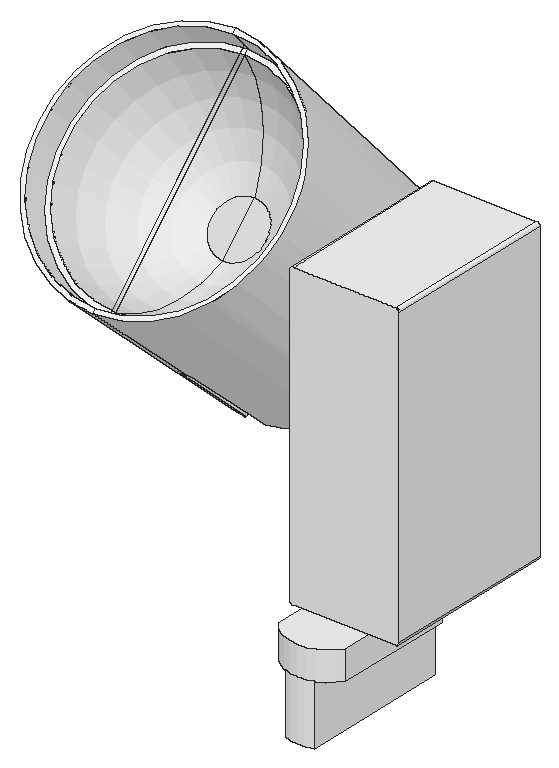
Revit family "0004832 Feilo Sylvania Lighting Fixture START TRACK SPOT L 55W 4K RA80 NB WHITE", category Lighting Fixtures, host Face, Revit 2017
Family settings
  Host = Face
  Round Connector Dimension = Use Diameter
  Part Type = Normal
  OmniClass Number = 23.80.70.00
  OmniClass Title = Lighting
  Cut with Voids When Loaded = No
  Light Source = No
  Shared = No
  Room Calculation Point = No
Parameters (values of type "0004832 START TRACK SPOT L 55W 4K RA80 NB WHITE")
  Weight = "1.398 kg"
  Wattage Comments = ""
  WarrantyStartDate [instance] = "n/a"
  WarrantyGuarantorParts = "n/a"
  WarrantyDurationUnit = "n/a"
  WarrantyDurationParts = "n/a"
  WarrantyDescription = "n/a"
  Voltage = 230 V
  URL = "http://www.sylvania-lighting.com"
  TypeName = "START TRACK SPOT L 55W 4K RA80 NB WHITE"
  TypeHead_FEILO = Start Track Spot Head : 0004832 START TRACK SPOT L 55W 4K RA80 NB WHITE
  TypeBox_FEILO = Start Track Spot Box : Type Large White
  Type Image = <None>
  Type Comments = "n/a"
  VerticalRotation_FEILO [instance] = 0.00°
  SlideEndAngle_FEILO [instance] = VerticalRotation_FEILO + 180.00°  # 180.00°
  SerialNumber [instance] = "n/a"
  Material_3_FEILO = none
  PowerFactor = 0.96
  PowerConsumption = "55 W"
  NominalLength = 0 mm
  NominalHeight = 240 mm
  NominalDepth = 164 mm
  Name = "START TRACK SPOT L 55W 4K RA80 NB WHITE"
  ModelReference = Name  # "START TRACK SPOT L 55W 4K RA80 NB WHITE"
  ModelNumber = "0004832"
  Model = Name  # "START TRACK SPOT L 55W 4K RA80 NB WHITE"
  Material = "adc12 aluminium housing, polycarbonate diffuser"
  ManufacturerName = "Feilo Sylvania"
  Manufacturer = "Feilo Sylvania"
  LuminousEfficacy = "99 lm/W"
  LuminaireType = ""
  LightOutputRatio = "100"
  LampsType = Lamp  # "LED"
  LampNominalLuminous = "5426 lm"
  LampMacAdamStep = "3"
  LampColourTemperature = "4000 K"
  LampColourRenderingIndex = "80"
  Lamp = "LED"
  Keynote = "16500"
  InstallationDate [instance] = "n/a"
  InputVoltage = "230-240V~"
  InputNominalFrequency = "50/60 Hz"
  IngressProtection = "IP20"
  ImpactProtectionIndex = "IK02"
  IfcExportType = "IfcLightFixtureType"
  IfcExportAs = "IfcLightFixtureType"
  HorizontalRotation_FEILO [instance] = 45.00°
  ExpectedLife = 50000
  ElectricShockClassification = "Class II"
  DurationUnit = "hours"
  DocumentationLiterature = "http://www.sylvania-lighting.com/product/en-int/products/0004832"
  DimmingControlOptions = "Non dimmable"
  Material_2_FEILO = none
  Description = "Integrated LED spotlight, Textured White - RAL9016, compact and minimalist design, ideal for retail applications, die-cast aluminium body, passive cooling heatsink. Beam angle: 15°, color temperature: 4000K , total system power: 55W, total fixture output: 5426 lm, LOR: 100%, colour rendering: Ra: 80 typical, LED Chromaticity: 3 step MacAdam ellipse, lifetime: >50000 hours at L70B50, energy class: A++, A+, A, IR/UV free light source without heat radiation, operating voltage: 220-240V / 50-60Hz, drive current: 1400mA, electronic driver, non-dimmable, power factor: 0.96, electrical protection: Class II, Global Track 3 Phase adapter suitable for Global trac 3-circuit tracks, ingress protection rating: IP20, suitable for internal environment only, horizontal rotation: 355°, vertical tilt: 90°, dimensions: Ø113x164x240, weight: 1.398kg."
  Default Elevation = 1219.2 mm
  CreatedOn = "12/12/2017"
  CreatedBy = ""
  Cost = 0
  built-in parameter 1114216 [instance] = (empty or 0)
  ClassificationValue = "EF_70_80"
  ClassificationName = "Uniclass2015"
  Material_1_FEILO = Body-Sylvania-StartTrackSpot-White
  BarCode [instance] = "n/a"
  AssetType = "Fixed"
  AssetIdentifier [instance] = "n/a"
  Assembly Code = "D5020200"
  Apparent Load = 55 VA
  Material_4_FEILO = none
Reference planes
  plane 1 "Center (Front/Back)": y = 0
  plane 2: z = 0
  plane 3 "Center (Left/Right)": x = 0
  plane 4: x = 15
  plane 5: x = -15
  plane 6: y = 35
  plane 7: y = -35
  plane 8: z = 13
  plane 9: z = -27
  plane 10: x = 6.5
  plane 11: x = -6.5
  plane 12: y = 27
  plane 13: y = -27
  plane 14: y = 20
Forms (mm)
  Extrusion 1, solid, material "Body-Sylvania-StartTrackSpot-White" <- "Material_1_FEILO"
    sketch origin (0, 0, 0) x (1, 0, 0) y (0, 1, 0)
      loop
        line (-15, 27) -> (-15, -27)
        arc (-15, -27) -> (0, -35) -> (15, -27) r 18.062
        line (15, -27) -> (15, 27)
        arc (15, 27) -> (0, 35) -> (-15, 27) r 18.062
    from 0 to 13
  Extrusion 2, solid, material "Body-Sylvania-StartTrackSpot-White" <- "Material_1_FEILO"
    sketch origin (0, 0, 0) x (1, 0, 0) y (0, 1, 0)
      loop
        arc (6.5, 33.79) -> (0, 35) -> (-6.5, 33.79) r 18.062
        line (-6.5, 33.79) -> (-6.5, -33.79)
        arc (-6.5, -33.79) -> (0, -35) -> (6.5, -33.79) r 18.062
        line (6.5, -33.79) -> (6.5, 33.79)
    from 0 to -27
  Revolve 3, solid, not visible
    sketch origin (1524, 20, 1219.2) x (1, 0, 0) y (0, 0, 1)
      loop
        line (-1524, -1206.2) -> (-1524, -1191.285) -> (-1530.5, -1191.285) -> (-1530.5, -1206.2) -> (-1524, -1206.2)
      axis (-1524, -1191.285) -> (-1524, -1206.2)
    angle from 0 <- "VerticalRotation_FEILO" to 180 <- "SlideEndAngle_FEILO"
Cuts and joins
  joined: Extrusion 1, Extrusion 2
Dimensions and locks
  equal spacing: plane 10, plane 3 "Center (Left/Right)", plane 11
  equal spacing: plane 4, plane 3 "Center (Left/Right)", plane 5
  locked: plane 8 to plane 2 at 13
  locked: plane 8 to plane 9 at 40
  equal spacing: plane 13, plane 1 "Center (Front/Back)", plane 12
  locked: plane 12 to plane 6 at 8
  locked: plane 14 to plane 6 at 15
  locked: Revolve 3 sketch curve to plane 8 at 14.915
  aligned and locked: plane 2 to host face
  aligned and locked: level to host face
  aligned and locked: plane 5 to Extrusion 1 sketch curve  (x2)
  aligned and locked: plane 12 to Extrusion 1 sketch curve
  aligned and locked: plane 13 to Extrusion 1 sketch curve
  aligned and locked: plane 4 to Extrusion 1 sketch curve
  aligned and locked: Extrusion 1 to plane 8
  aligned and locked: Extrusion 1 to level
  aligned and locked: Extrusion 2 sketch curve to Extrusion 1  (x2)
  aligned and locked: Extrusion 2 sketch curve to plane 11
  aligned and locked: plane 10 to Extrusion 2 sketch curve
  aligned and locked: plane 9 to Extrusion 2
  aligned and locked: level to Extrusion 2
  aligned and locked: Revolve 3 sketch curve to plane 3 "Center (Left/Right)"  (x2)
  aligned and locked: plane 11 to Revolve 3 sketch curve
  aligned and locked: Revolve 3 sketch curve to plane 8
Automatic sketch dimensions
  host sketch curve to host sketch curve = 2438.4 mm  (x2)
  Extrusion 1 sketch curve to plane 3 "Center (Left/Right)" = 0 mm  (x2)
  Extrusion 1 sketch curve to plane 13 = 10.062 mm
  plane 12 to Extrusion 1 sketch curve = 10.062 mm
  Revolve 3 sketch curve to plane 3 "Center (Left/Right)" = 0 mm
  plane 9 to Revolve 3 sketch curve = 582.6 mm
  Revolve 3 sketch curve to Revolve 3 sketch curve = 2581.144 mm
Nested families
  nested 1: "Start Track Spot Head" at (-75.5, 20, 133) x (0, 0.7071, 0.7071) z (0, 0.7071, -0.7071), type <- "TypeHead_FEILO", type "0004832 START TRACK SPOT L 55W 4K RA80 NB WHITE"
    with built-in parameter 1114216 (empty or 0)
  nested 2: "Start Track Spot Box" at (8.5, 20, 85) x (-1, 0, 0) z (0, -1, 0), BoxStartAngle_FEILO <- "HorizontalRotation_FEILO", type <- "TypeBox_FEILO", type "Type Large White"
    with BoxStartAngle_FEILO 45.00°, BoxEndAngle_FEILO -135.00°
Connectors
  electrical at (0, 0, 0), driven by "Apparent Load", driven by "PowerFactor", driven by "Voltage"
    settings: index 1, voltage 230 V, apparent load 55 VA, apparent load phase1 0 VA, apparent load phase2 0 VA, apparent load phase3 0 VA, power factor 0.96, load classification "Lighting", number of poles 1, system type 30, power factor state 1, is connector primary yes, connector utility no, sub classification motor no, connector description ""
Definition of nested family "Start Track Spot Head"
  Parameters (values of type "0004811 START TRACK SPOT S 14W 3K RA80 NB WHITE")
    Wattage Comments = "n/a"
    Wattage = 14 W
    built-in parameter 1150110 = 1 (stored number, unit not read)
    URL = "http://www.feilosylvania.com"
    Type Image = (empty or 0)
    Type Comments = "n/a"
    built-in parameter 1114217 = 1 (stored number, unit not read)
    Tilt Angle = -90.00°
    built-in parameter 1150109 = 1 (stored number, unit not read)
    built-in parameter 1150134 = (empty or 0)
    built-in parameter 1150113 = 1 (stored number, unit not read)
    Photometric Web File = "0004811.ies"
    Material_3_FEILO = none
    Model = "START TRACK SPOT S 14W 3K RA80 NB WHITE"
    Manufacturer = "Feilo Sylvania"
    built-in parameter 1150105 = 123.66 (stored number, unit not read)
    Lumens = 1554 lm
    built-in parameter 1150115 = 1 (stored number, unit not read)
    built-in parameter 1150137 = (empty or 0)
    built-in parameter 1150139 = (empty or 0)
    built-in parameter 1150112 = 1 (stored number, unit not read)
    built-in parameter 1150114 = 1 (stored number, unit not read)
    Lamp = "LED"
    Keynote = "16500"
    Material_2_FEILO = none
    built-in parameter 1150132 = (empty or 0)
    built-in parameter 1150102 = (empty or 0)
    built-in parameter 1150107 = 3000 (stored number, unit not read)
    built-in parameter 1150138 = (empty or 0)
    built-in parameter 1150106 = 1.2366 (stored number, unit not read)
    HeadThickness_FEILO = if(HeadDiaOut_FEILO > 112 mm, 2 mm, 1.5 mm)  # 1.5 mm
    HeadRibOffset_FEILO = HeadHeight_FEILO / 28  # 4.179 mm
    HeadRibDepth_FEILO = HeadHeight_FEILO / 2.1  # 55.714 mm
    HeadRibCutWidth_FEILO = HeadDiaOut_FEILO / 12  # 7.167 mm
    HeadRibCutOffset_FEILO = HeadHeight_FEILO / 2.3  # 50.87 mm
    HeadReflectorRadius_FEILO = HeadDiaOut_FEILO / 1.7  # 50.588 mm
    HeadReflectorOffset_FEILO = HeadHeight_FEILO / 2.1  # 55.714 mm
    HeadLEDRadius_FEILO = HeadDiaOut_FEILO / 9  # 9.556 mm
    HeadHeight_FEILO = 117 mm
    HeadDraft_FEILO = 1 mm
    HeadDiffusorThickness_FEILO = 3 mm
    HeadDiffusorOffset_FEILO = HeadHeight_FEILO / 12.4  # 9.435 mm
    HeadDiaOut_FEILO = 86 mm
    HeadDiaIn_FEILO = HeadDiaOut_FEILO / 1.11  # 77.477 mm
    HeadAxisFromTop_FEILO = HeadHeight_FEILO / 1.687  # 69.354 mm
    Emit from Circle Diameter = HeadDiaIn_FEILO  # 77.477 mm
    Emit Shape Visible in Rendering = no
    built-in parameter 1150104 = 10.312 (stored number, unit not read)
    Dimming Lamp Color Temperature Shift = (empty or 0)
    Description = "Integrated LED spotlight, Textured White - RAL9016, compact and minimalist design, ideal for retail applications, die-cast aluminium body, passive cooling heatsink. Beam angle: 12°, color temperature: 3000K , total system power: 14W, total fixture output: 1551 lm, LOR: 100%, colour rendering: Ra: 80 typical, LED Chromaticity: 3 step MacAdam ellipse, lifetime: >50000 hours at L70B50, energy class: A++, A+, A, IR/UV free light source without heat radiation, operating voltage: 220-240V / 50-60Hz, drive current: 350mA, electronic driver, non-dimmable, power factor: 0.92, electrical protection: Class II, Global Track 3 Phase adapter suitable for Global trac 3-circuit tracks, ingress protection rating: IP20, suitable for internal environment only, horizontal rotation: 355°, vertical tilt: 90°, dimensions: Ø86x140x200, weight: 0.940kg."
    Default Elevation = 1219.2 mm
    Cost = 0
    Color Filter = 16777215
    built-in parameter 1114216 [instance] = (empty or 0)
    Material_1_FEILO = none
    built-in parameter 1114218 = 1 (stored number, unit not read)
    built-in parameter 1150133 = 10 (stored number, unit not read)
    Assembly Code = "D5020200"
    Apparent Load = 14 VA
    Material_4_FEILO = none
  Types (96, lengths in mm): name | Wattage | built-in parameter 1150134 | Photometric Web File | Model | built-in parameter 1150105 | Lumens | built-in parameter 1150107 | built-in parameter 1150106 | HeadThickness_FEILO | HeadRibOffset_FEILO | HeadRibDepth_FEILO | HeadRibCutWidth_FEILO | HeadRibCutOffset_FEILO | HeadReflectorRadius_FEILO | HeadReflectorOffset_FEILO | HeadLEDRadius_FEILO | HeadHeight_FEILO | HeadDiffusorOffset_FEILO | HeadDiaOut_FEILO | HeadDiaIn_FEILO | HeadAxisFromTop_FEILO | Emit from Circle Diameter | built-in parameter 1150104 | Description | Apparent Load
    0004906 START TRACK SPOT L 55W 4K RA90 WB BLACK | 55 W | 12 | "0004906.ies" | "START TRACK SPOT L 55W 4K RA90 WB BLACK" | 385.15 (stored number, unit not read) | 4840 lm | 4000 (stored number, unit not read) | 3.8515 (stored number, unit not read) | 2 | 4.429 | 59.048 | 9.417 | 53.913 | 66.471 | 59.048 | 12.556 | 124 | 10 | 113 | 101.802 | 73.503 | 101.802 | 8.1755 (stored number, unit not read) | "Integrated LED spotlight, Textured Black - RAL9005, compact and minimalist design, ideal for retail applications, die-cast aluminium body, passive cooling heatsink. Beam angle: 52°, color temperature: 4000K , total system power: 55W, total fixture output: 4824 lm, LOR: 100%, colour rendering: Ra: 90 typical, LED Chromaticity: 3 step MacAdam ellipse, lifetime: >50000 hours at L70B50, energy class: A++, A+, A, IR/UV free light source without heat radiation, operating voltage: 220-240V / 50-60Hz, drive current: 1400mA, electronic driver, non-dimmable, power factor: 0.96, electrical protection: Class II, Global Track 3 Phase adapter suitable for Global trac 3-circuit tracks, ingress protection rating: IP20, suitable for internal environment only, horizontal rotation: 355°, vertical tilt: 90°, dimensions: Ø113x164x240, weight: 1.398kg." | 55 VA
    0004905 START TRACK SPOT L 55W 4K RA90 MB BLACK | 55 W | 12 | "0004905.ies" | "START TRACK SPOT L 55W 4K RA90 MB BLACK" | 389.53 (stored number, unit not read) | 4895 lm | 4000 (stored number, unit not read) | 3.8953 (stored number, unit not read) | 2 | 4.429 | 59.048 | 9.417 | 53.913 | 66.471 | 59.048 | 12.556 | 124 | 10 | 113 | 101.802 | 73.503 | 101.802 | 8.2684 (stored number, unit not read) | "Integrated LED spotlight, Textured Black - RAL9005, compact and minimalist design, ideal for retail applications, die-cast aluminium body, passive cooling heatsink. Beam angle: 38°, color temperature: 4000K , total system power: 55W, total fixture output: 4897 lm, LOR: 100%, colour rendering: Ra: 90 typical, LED Chromaticity: 3 step MacAdam ellipse, lifetime: >50000 hours at L70B50, energy class: A++, A+, A, IR/UV free light source without heat radiation, operating voltage: 220-240V / 50-60Hz, drive current: 1400mA, electronic driver, non-dimmable, power factor: 0.96, electrical protection: Class II, Global Track 3 Phase adapter suitable for Global trac 3-circuit tracks, ingress protection rating: IP20, suitable for internal environment only, horizontal rotation: 355°, vertical tilt: 90°, dimensions: Ø113x164x240, weight: 1.398kg." | 55 VA
    0004904 START TRACK SPOT L 55W 4K RA90 NB BLACK | 55 W | 12 | "0004904.ies" | "START TRACK SPOT L 55W 4K RA90 NB BLACK" | 393.91 (stored number, unit not read) | 4950 lm | 4000 (stored number, unit not read) | 3.9391 (stored number, unit not read) | 2 | 4.429 | 59.048 | 9.417 | 53.913 | 66.471 | 59.048 | 12.556 | 124 | 10 | 113 | 101.802 | 73.503 | 101.802 | 8.3613 (stored number, unit not read) | "Integrated LED spotlight, Textured Black - RAL9005, compact and minimalist design, ideal for retail applications, die-cast aluminium body, passive cooling heatsink. Beam angle: 15°, color temperature: 4000K , total system power: 55W, total fixture output: 4965 lm, LOR: 100%, colour rendering: Ra: 90 typical, LED Chromaticity: 3 step MacAdam ellipse, lifetime: >50000 hours at L70B50, energy class: A++, A+, A, IR/UV free light source without heat radiation, operating voltage: 220-240V / 50-60Hz, drive current: 1400mA, electronic driver, non-dimmable, power factor: 0.96, electrical protection: Class II, Global Track 3 Phase adapter suitable for Global trac 3-circuit tracks, ingress protection rating: IP20, suitable for internal environment only, horizontal rotation: 355°, vertical tilt: 90°, dimensions: Ø113x164x240, weight: 1.398kg." | 55 VA
    0004903 START TRACK SPOT L 35W 4K RA90 WB BLACK | 35 W | 12 | "0004903.ies" | "START TRACK SPOT L 35W 4K RA90 WB BLACK" | 284.09 (stored number, unit not read) | 3570 lm | 4000 (stored number, unit not read) | 2.8409 (stored number, unit not read) | 2 | 4.429 | 59.048 | 9.417 | 53.913 | 66.471 | 59.048 | 12.556 | 124 | 10 | 113 | 101.802 | 73.503 | 101.802 | 9.4761 (stored number, unit not read) | "Integrated LED spotlight, Textured Black - RAL9005, compact and minimalist design, ideal for retail applications, die-cast aluminium body, passive cooling heatsink. Beam angle: 52°, color temperature: 4000K , total system power: 35W, total fixture output: 3562 lm, LOR: 100%, colour rendering: Ra: 90 typical, LED Chromaticity: 3 step MacAdam ellipse, lifetime: >50000 hours at L70B50, energy class: A++, A+, A, IR/UV free light source without heat radiation, operating voltage: 220-240V / 50-60Hz, drive current: 900mA, electronic driver, non-dimmable, power factor: 0.93, electrical protection: Class II, Global Track 3 Phase adapter suitable for Global trac 3-circuit tracks, ingress protection rating: IP20, suitable for internal environment only, horizontal rotation: 355°, vertical tilt: 90°, dimensions: Ø113x164x240, weight: 1.368kg." | 35 VA
    0004902 START TRACK SPOT L 35W 4K RA90 MB BLACK | 35 W | 12 | "0004902.ies" | "START TRACK SPOT L 35W 4K RA90 MB BLACK" | 286.88 (stored number, unit not read) | 3605 lm | 4000 (stored number, unit not read) | 2.8688 (stored number, unit not read) | 2 | 4.429 | 59.048 | 9.417 | 53.913 | 66.471 | 59.048 | 12.556 | 124 | 10 | 113 | 101.802 | 73.503 | 101.802 | 9.569 (stored number, unit not read) | "Integrated LED spotlight, Textured Black - RAL9005, compact and minimalist design, ideal for retail applications, die-cast aluminium body, passive cooling heatsink. Beam angle: 38°, color temperature: 4000K , total system power: 35W, total fixture output: 3616 lm, LOR: 100%, colour rendering: Ra: 90 typical, LED Chromaticity: 3 step MacAdam ellipse, lifetime: >50000 hours at L70B50, energy class: A++, A+, A, IR/UV free light source without heat radiation, operating voltage: 220-240V / 50-60Hz, drive current: 900mA, electronic driver, non-dimmable, power factor: 0.93, electrical protection: Class II, Global Track 3 Phase adapter suitable for Global trac 3-circuit tracks, ingress protection rating: IP20, suitable for internal environment only, horizontal rotation: 355°, vertical tilt: 90°, dimensions: Ø113x164x240, weight: 1.368kg." | 35 VA
    0004901 START TRACK SPOT L 35W 4K RA90 NB BLACK | 35 W | 12 | "0004901.ies" | "START TRACK SPOT L 35W 4K RA90 NB BLACK" | 286.88 (stored number, unit not read) | 3605 lm | 4000 (stored number, unit not read) | 2.8688 (stored number, unit not read) | 2 | 4.429 | 59.048 | 9.417 | 53.913 | 66.471 | 59.048 | 12.556 | 124 | 10 | 113 | 101.802 | 73.503 | 101.802 | 9.569 (stored number, unit not read) | "Integrated LED spotlight, Textured Black - RAL9005, compact and minimalist design, ideal for retail applications, die-cast aluminium body, passive cooling heatsink. Beam angle: 15°, color temperature: 4000K , total system power: 35W, total fixture output: 3593 lm, LOR: 100%, colour rendering: Ra: 90 typical, LED Chromaticity: 3 step MacAdam ellipse, lifetime: >50000 hours at L70B50, energy class: A++, A+, A, IR/UV free light source without heat radiation, operating voltage: 220-240V / 50-60Hz, drive current: 900mA, electronic driver, non-dimmable, power factor: 0.93, electrical protection: Class II, Global Track 3 Phase adapter suitable for Global trac 3-circuit tracks, ingress protection rating: IP20, suitable for internal environment only, horizontal rotation: 355°, vertical tilt: 90°, dimensions: Ø113x164x240, weight: 1.368kg." | 35 VA
    0004900 START TRACK SPOT S 24W 4K RA90 WB BLACK | 24 W | 12 | "0004900.ies" | "START TRACK SPOT S 24W 4K RA90 WB BLACK" | 166.16 (stored number, unit not read) | 2088 lm | 4000 (stored number, unit not read) | 1.6616 (stored number, unit not read) | 1.5 | 4.179 | 55.714 | 7.167 | 50.87 | 50.588 | 55.714 | 9.556 | 117 | 9.435 | 86 | 77.477 | 69.354 | 77.477 | 8.0826 (stored number, unit not read) | "Integrated LED spotlight, Textured Black - RAL9005, compact and minimalist design, ideal for retail applications, die-cast aluminium body, passive cooling heatsink. Beam angle: 64°, color temperature: 4000K , total system power: 24W, total fixture output: 2087 lm, LOR: 100%, colour rendering: Ra: 90 typical, LED Chromaticity: 3 step MacAdam ellipse, lifetime: >50000 hours at L70B50, energy class: A++, A+, A, IR/UV free light source without heat radiation, operating voltage: 220-240V / 50-60Hz, drive current: 600mA, electronic driver, non-dimmable, power factor: 0.95, electrical protection: Class II, Global Track 3 Phase adapter suitable for Global trac 3-circuit tracks, ingress protection rating: IP20, suitable for internal environment only, horizontal rotation: 355°, vertical tilt: 90°, dimensions: Ø86x140x200, weight: 0.966kg." | 24 VA
    0004899 START TRACK SPOT S 24W 4K RA90 MB BLACK | 24 W | 12 | "0004899.ies" | "START TRACK SPOT S 24W 4K RA90 MB BLACK" | 169.98 (stored number, unit not read) | 2136 lm | 4000 (stored number, unit not read) | 1.6998 (stored number, unit not read) | 1.5 | 4.179 | 55.714 | 7.167 | 50.87 | 50.588 | 55.714 | 9.556 | 117 | 9.435 | 86 | 77.477 | 69.354 | 77.477 | 8.2684 (stored number, unit not read) | "Integrated LED spotlight, Textured Black - RAL9005, compact and minimalist design, ideal for retail applications, die-cast aluminium body, passive cooling heatsink. Beam angle: 36°, color temperature: 4000K , total system power: 24W, total fixture output: 2141 lm, LOR: 100%, colour rendering: Ra: 90 typical, LED Chromaticity: 3 step MacAdam ellipse, lifetime: >50000 hours at L70B50, energy class: A++, A+, A, IR/UV free light source without heat radiation, operating voltage: 220-240V / 50-60Hz, drive current: 600mA, electronic driver, non-dimmable, power factor: 0.95, electrical protection: Class II, Global Track 3 Phase adapter suitable for Global trac 3-circuit tracks, ingress protection rating: IP20, suitable for internal environment only, horizontal rotation: 355°, vertical tilt: 90°, dimensions: Ø86x140x200, weight: 0.966kg." | 24 VA
    0004898 START TRACK SPOT S 24W 4K RA90 NB BLACK | 24 W | 12 | "0004898.ies" | "START TRACK SPOT S 24W 4K RA90 NB BLACK" | 171.89 (stored number, unit not read) | 2160 lm | 4000 (stored number, unit not read) | 1.7189 (stored number, unit not read) | 1.5 | 4.179 | 55.714 | 7.167 | 50.87 | 50.588 | 55.714 | 9.556 | 117 | 9.435 | 86 | 77.477 | 69.354 | 77.477 | 8.3613 (stored number, unit not read) | "Integrated LED spotlight, Textured Black - RAL9005, compact and minimalist design, ideal for retail applications, die-cast aluminium body, passive cooling heatsink. Beam angle: 12°, color temperature: 4000K , total system power: 24W, total fixture output: 2155 lm, LOR: 100%, colour rendering: Ra: 90 typical, LED Chromaticity: 3 step MacAdam ellipse, lifetime: >50000 hours at L70B50, energy class: A++, A+, A, IR/UV free light source without heat radiation, operating voltage: 220-240V / 50-60Hz, drive current: 600mA, electronic driver, non-dimmable, power factor: 0.95, electrical protection: Class II, Global Track 3 Phase adapter suitable for Global trac 3-circuit tracks, ingress protection rating: IP20, suitable for internal environment only, horizontal rotation: 355°, vertical tilt: 90°, dimensions: Ø86x140x200, weight: 0.966kg." | 24 VA
    0004897 START TRACK SPOT S 14W 4K RA90 WB BLACK | 14 W | 12 | "0004897.ies" | "START TRACK SPOT S 14W 4K RA90 WB BLACK" | 108.07 (stored number, unit not read) | 1358 lm | 4000 (stored number, unit not read) | 1.0807 (stored number, unit not read) | 1.5 | 4.179 | 55.714 | 7.167 | 50.87 | 50.588 | 55.714 | 9.556 | 117 | 9.435 | 86 | 77.477 | 69.354 | 77.477 | 9.0116 (stored number, unit not read) | "Integrated LED spotlight, Textured Black - RAL9005, compact and minimalist design, ideal for retail applications, die-cast aluminium body, passive cooling heatsink. Beam angle: 64°, color temperature: 4000K , total system power: 14W, total fixture output: 1352 lm, LOR: 100%, colour rendering: Ra: 90 typical, LED Chromaticity: 3 step MacAdam ellipse, lifetime: >50000 hours at L70B50, energy class: A++, A+, A, IR/UV free light source without heat radiation, operating voltage: 220-240V / 50-60Hz, drive current: 350mA, electronic driver, non-dimmable, power factor: 0.92, electrical protection: Class II, Global Track 3 Phase adapter suitable for Global trac 3-circuit tracks, ingress protection rating: IP20, suitable for internal environment only, horizontal rotation: 355°, vertical tilt: 90°, dimensions: Ø86x140x200, weight: 0.940kg." | 14 VA
    0004896 START TRACK SPOT S 14W 4K RA90 MB BLACK | 14 W | 12 | "0004896.ies" | "START TRACK SPOT S 14W 4K RA90 MB BLACK" | 108.07 (stored number, unit not read) | 1358 lm | 4000 (stored number, unit not read) | 1.0807 (stored number, unit not read) | 1.5 | 4.179 | 55.714 | 7.167 | 50.87 | 50.588 | 55.714 | 9.556 | 117 | 9.435 | 86 | 77.477 | 69.354 | 77.477 | 9.0116 (stored number, unit not read) | "Integrated LED spotlight, Textured Black - RAL9005, compact and minimalist design, ideal for retail applications, die-cast aluminium body, passive cooling heatsink. Beam angle: 36°, color temperature: 4000K , total system power: 14W, total fixture output: 1359 lm, LOR: 100%, colour rendering: Ra: 90 typical, LED Chromaticity: 3 step MacAdam ellipse, lifetime: >50000 hours at L70B50, energy class: A++, A+, A, IR/UV free light source without heat radiation, operating voltage: 220-240V / 50-60Hz, drive current: 350mA, electronic driver, non-dimmable, power factor: 0.92, electrical protection: Class II, Global Track 3 Phase adapter suitable for Global trac 3-circuit tracks, ingress protection rating: IP20, suitable for internal environment only, horizontal rotation: 355°, vertical tilt: 90°, dimensions: Ø86x140x200, weight: 0.940kg." | 14 VA
    0004895 START TRACK SPOT S 14W 4K RA90 NB BLACK | 14 W | 12 | "0004895.ies" | "START TRACK SPOT S 14W 4K RA90 NB BLACK" | 106.95 (stored number, unit not read) | 1344 lm | 4000 (stored number, unit not read) | 1.0695 (stored number, unit not read) | 1.5 | 4.179 | 55.714 | 7.167 | 50.87 | 50.588 | 55.714 | 9.556 | 117 | 9.435 | 86 | 77.477 | 69.354 | 77.477 | 8.9187 (stored number, unit not read) | "Integrated LED spotlight, Textured Black - RAL9005, compact and minimalist design, ideal for retail applications, die-cast aluminium body, passive cooling heatsink. Beam angle: 12°, color temperature: 4000K , total system power: 14W, total fixture output: 1349 lm, LOR: 100%, colour rendering: Ra: 90 typical, LED Chromaticity: 3 step MacAdam ellipse, lifetime: >50000 hours at L70B50, energy class: A++, A+, A, IR/UV free light source without heat radiation, operating voltage: 220-240V / 50-60Hz, drive current: 350mA, electronic driver, non-dimmable, power factor: 0.92, electrical protection: Class II, Global Track 3 Phase adapter suitable for Global trac 3-circuit tracks, ingress protection rating: IP20, suitable for internal environment only, horizontal rotation: 355°, vertical tilt: 90°, dimensions: Ø86x140x200, weight: 0.940kg." | 14 VA
    0004894 START TRACK SPOT L 55W 3K RA90 WB BLACK | 55 W | (empty or 0) | "0004894.ies" | "START TRACK SPOT L 55W 3K RA90 WB BLACK" | 350.14 (stored number, unit not read) | 4400 lm | 3000 (stored number, unit not read) | 3.5014 (stored number, unit not read) | 2 | 4.429 | 59.048 | 9.417 | 53.913 | 66.471 | 59.048 | 12.556 | 124 | 10 | 113 | 101.802 | 73.503 | 101.802 | 7.4322 (stored number, unit not read) | "Integrated LED spotlight, Textured Black - RAL9005, compact and minimalist design, ideal for retail applications, die-cast aluminium body, passive cooling heatsink. Beam angle: 52°, color temperature: 3000K , total system power: 55W, total fixture output: 4405 lm, LOR: 100%, colour rendering: Ra: 90 typical, LED Chromaticity: 3 step MacAdam ellipse, lifetime: >50000 hours at L70B50, energy class: A++, A+, A, IR/UV free light source without heat radiation, operating voltage: 220-240V / 50-60Hz, drive current: 1400mA, electronic driver, non-dimmable, power factor: 0.96, electrical protection: Class II, Global Track 3 Phase adapter suitable for Global trac 3-circuit tracks, ingress protection rating: IP20, suitable for internal environment only, horizontal rotation: 355°, vertical tilt: 90°, dimensions: Ø113x164x240, weight: 1.398kg." | 55 VA
    0004893 START TRACK SPOT L 55W 3K RA90 MB BLACK | 55 W | (empty or 0) | "0004893.ies" | "START TRACK SPOT L 55W 3K RA90 MB BLACK" | 354.52 (stored number, unit not read) | 4455 lm | 3000 (stored number, unit not read) | 3.5452 (stored number, unit not read) | 2 | 4.429 | 59.048 | 9.417 | 53.913 | 66.471 | 59.048 | 12.556 | 124 | 10 | 113 | 101.802 | 73.503 | 101.802 | 7.5251 (stored number, unit not read) | "Integrated LED spotlight, Textured Black - RAL9005, compact and minimalist design, ideal for retail applications, die-cast aluminium body, passive cooling heatsink. Beam angle: 38°, color temperature: 3000K , total system power: 55W, total fixture output: 4448 lm, LOR: 100%, colour rendering: Ra: 90 typical, LED Chromaticity: 3 step MacAdam ellipse, lifetime: >50000 hours at L70B50, energy class: A++, A+, A, IR/UV free light source without heat radiation, operating voltage: 220-240V / 50-60Hz, drive current: 1400mA, electronic driver, non-dimmable, power factor: 0.96, electrical protection: Class II, Global Track 3 Phase adapter suitable for Global trac 3-circuit tracks, ingress protection rating: IP20, suitable for internal environment only, horizontal rotation: 355°, vertical tilt: 90°, dimensions: Ø113x164x240, weight: 1.398kg." | 55 VA
    0004892 START TRACK SPOT L 55W 3K RA90 NB BLACK | 55 W | (empty or 0) | "0004892.ies" | "START TRACK SPOT L 55W 3K RA90 NB BLACK" | 350.14 (stored number, unit not read) | 4400 lm | 3000 (stored number, unit not read) | 3.5014 (stored number, unit not read) | 2 | 4.429 | 59.048 | 9.417 | 53.913 | 66.471 | 59.048 | 12.556 | 124 | 10 | 113 | 101.802 | 73.503 | 101.802 | 7.4322 (stored number, unit not read) | "Integrated LED spotlight, Textured Black - RAL9005, compact and minimalist design, ideal for retail applications, die-cast aluminium body, passive cooling heatsink. Beam angle: 15°, color temperature: 3000K , total system power: 55W, total fixture output: 4416 lm, LOR: 100%, colour rendering: Ra: 90 typical, LED Chromaticity: 3 step MacAdam ellipse, lifetime: >50000 hours at L70B50, energy class: A++, A+, A, IR/UV free light source without heat radiation, operating voltage: 220-240V / 50-60Hz, drive current: 1400mA, electronic driver, non-dimmable, power factor: 0.96, electrical protection: Class II, Global Track 3 Phase adapter suitable for Global trac 3-circuit tracks, ingress protection rating: IP20, suitable for internal environment only, horizontal rotation: 355°, vertical tilt: 90°, dimensions: Ø113x164x240, weight: 1.398kg." | 55 VA
    0004891 START TRACK SPOT L 35W 3K RA90 WB BLACK | 35 W | (empty or 0) | "0004891.ies" | "START TRACK SPOT L 35W 3K RA90 WB BLACK" | 259.02 (stored number, unit not read) | 3255 lm | 3000 (stored number, unit not read) | 2.5902 (stored number, unit not read) | 2 | 4.429 | 59.048 | 9.417 | 53.913 | 66.471 | 59.048 | 12.556 | 124 | 10 | 113 | 101.802 | 73.503 | 101.802 | 8.64 (stored number, unit not read) | "Integrated LED spotlight, Textured Black - RAL9005, compact and minimalist design, ideal for retail applications, die-cast aluminium body, passive cooling heatsink. Beam angle: 52°, color temperature: 3000K , total system power: 35W, total fixture output: 3260 lm, LOR: 100%, colour rendering: Ra: 90 typical, LED Chromaticity: 3 step MacAdam ellipse, lifetime: >50000 hours at L70B50, energy class: A++, A+, A, IR/UV free light source without heat radiation, operating voltage: 220-240V / 50-60Hz, drive current: 900mA, electronic driver, non-dimmable, power factor: 0.93, electrical protection: Class II, Global Track 3 Phase adapter suitable for Global trac 3-circuit tracks, ingress protection rating: IP20, suitable for internal environment only, horizontal rotation: 355°, vertical tilt: 90°, dimensions: Ø113x164x240, weight: 1.368kg." | 35 VA
    0004890 START TRACK SPOT L 35W 3K RA90 MB BLACK | 35 W | (empty or 0) | "0004890.ies" | "START TRACK SPOT L 35W 3K RA90 MB BLACK" | 261.81 (stored number, unit not read) | 3290 lm | 3000 (stored number, unit not read) | 2.6181 (stored number, unit not read) | 2 | 4.429 | 59.048 | 9.417 | 53.913 | 66.471 | 59.048 | 12.556 | 124 | 10 | 113 | 101.802 | 73.503 | 101.802 | 8.7329 (stored number, unit not read) | "Integrated LED spotlight, Textured Black - RAL9005, compact and minimalist design, ideal for retail applications, die-cast aluminium body, passive cooling heatsink. Beam angle: 38°, color temperature: 3000K , total system power: 35W, total fixture output: 3306 lm, LOR: 100%, colour rendering: Ra: 90 typical, LED Chromaticity: 3 step MacAdam ellipse, lifetime: >50000 hours at L70B50, energy class: A++, A+, A, IR/UV free light source without heat radiation, operating voltage: 220-240V / 50-60Hz, drive current: 900mA, electronic driver, non-dimmable, power factor: 0.93, electrical protection: Class II, Global Track 3 Phase adapter suitable for Global trac 3-circuit tracks, ingress protection rating: IP20, suitable for internal environment only, horizontal rotation: 355°, vertical tilt: 90°, dimensions: Ø113x164x240, weight: 1.368kg." | 35 VA
    0004889 START TRACK SPOT L 35W 3K RA90 NB BLACK | 35 W | (empty or 0) | "0004889.ies" | "START TRACK SPOT L 35W 3K RA90 NB BLACK" | 261.81 (stored number, unit not read) | 3290 lm | 3000 (stored number, unit not read) | 2.6181 (stored number, unit not read) | 2 | 4.429 | 59.048 | 9.417 | 53.913 | 66.471 | 59.048 | 12.556 | 124 | 10 | 113 | 101.802 | 73.503 | 101.802 | 8.7329 (stored number, unit not read) | "Integrated LED spotlight, Textured Black - RAL9005, compact and minimalist design, ideal for retail applications, die-cast aluminium body, passive cooling heatsink. Beam angle: 15°, color temperature: 3000K , total system power: 35W, total fixture output: 3287 lm, LOR: 100%, colour rendering: Ra: 90 typical, LED Chromaticity: 3 step MacAdam ellipse, lifetime: >50000 hours at L70B50, energy class: A++, A+, A, IR/UV free light source without heat radiation, operating voltage: 220-240V / 50-60Hz, drive current: 900mA, electronic driver, non-dimmable, power factor: 0.93, electrical protection: Class II, Global Track 3 Phase adapter suitable for Global trac 3-circuit tracks, ingress protection rating: IP20, suitable for internal environment only, horizontal rotation: 355°, vertical tilt: 90°, dimensions: Ø113x164x240, weight: 1.368kg." | 35 VA
    0004888 START TRACK SPOT S 24W 3K RA90 WB BLACK | 24 W | (empty or 0) | "0004888.ies" | "START TRACK SPOT S 24W 3K RA90 WB BLACK" | 152.79 (stored number, unit not read) | 1920 lm | 3000 (stored number, unit not read) | 1.5279 (stored number, unit not read) | 1.5 | 4.179 | 55.714 | 7.167 | 50.87 | 50.588 | 55.714 | 9.556 | 117 | 9.435 | 86 | 77.477 | 69.354 | 77.477 | 7.4322 (stored number, unit not read) | "Integrated LED spotlight, Textured Black - RAL9005, compact and minimalist design, ideal for retail applications, die-cast aluminium body, passive cooling heatsink. Beam angle: 64°, color temperature: 3000K , total system power: 24W, total fixture output: 1928 lm, LOR: 100%, colour rendering: Ra: 90 typical, LED Chromaticity: 3 step MacAdam ellipse, lifetime: >50000 hours at L70B50, energy class: A++, A+, A, IR/UV free light source without heat radiation, operating voltage: 220-240V / 50-60Hz, drive current: 600mA, electronic driver, non-dimmable, power factor: 0.95, electrical protection: Class II, Global Track 3 Phase adapter suitable for Global trac 3-circuit tracks, ingress protection rating: IP20, suitable for internal environment only, horizontal rotation: 355°, vertical tilt: 90°, dimensions: Ø86x140x200, weight: 0.966kg." | 24 VA
    0004887 START TRACK SPOT S 24W 3K RA90 MB BLACK | 24 W | (empty or 0) | "0004887.ies" | "START TRACK SPOT S 24W 3K RA90 MB BLACK" | 154.7 (stored number, unit not read) | 1944 lm | 3000 (stored number, unit not read) | 1.547 (stored number, unit not read) | 1.5 | 4.179 | 55.714 | 7.167 | 50.87 | 50.588 | 55.714 | 9.556 | 117 | 9.435 | 86 | 77.477 | 69.354 | 77.477 | 7.5251 (stored number, unit not read) | "Integrated LED spotlight, Textured Black - RAL9005, compact and minimalist design, ideal for retail applications, die-cast aluminium body, passive cooling heatsink. Beam angle: 36°, color temperature: 3000K , total system power: 24W, total fixture output: 1944 lm, LOR: 100%, colour rendering: Ra: 90 typical, LED Chromaticity: 3 step MacAdam ellipse, lifetime: >50000 hours at L70B50, energy class: A++, A+, A, IR/UV free light source without heat radiation, operating voltage: 220-240V / 50-60Hz, drive current: 600mA, electronic driver, non-dimmable, power factor: 0.95, electrical protection: Class II, Global Track 3 Phase adapter suitable for Global trac 3-circuit tracks, ingress protection rating: IP20, suitable for internal environment only, horizontal rotation: 355°, vertical tilt: 90°, dimensions: Ø86x140x200, weight: 0.966kg." | 24 VA
    0004886 START TRACK SPOT S 24W 3K RA90 NB BLACK | 24 W | (empty or 0) | "0004886.ies" | "START TRACK SPOT S 24W 3K RA90 NB BLACK" | 158.52 (stored number, unit not read) | 1992 lm | 3000 (stored number, unit not read) | 1.5852 (stored number, unit not read) | 1.5 | 4.179 | 55.714 | 7.167 | 50.87 | 50.588 | 55.714 | 9.556 | 117 | 9.435 | 86 | 77.477 | 69.354 | 77.477 | 7.711 (stored number, unit not read) | "Integrated LED spotlight, Textured Black - RAL9005, compact and minimalist design, ideal for retail applications, die-cast aluminium body, passive cooling heatsink. Beam angle: 12°, color temperature: 3000K , total system power: 24W, total fixture output: 1987 lm, LOR: 100%, colour rendering: Ra: 90 typical, LED Chromaticity: 3 step MacAdam ellipse, lifetime: >50000 hours at L70B50, energy class: A++, A+, A, IR/UV free light source without heat radiation, operating voltage: 220-240V / 50-60Hz, drive current: 600mA, electronic driver, non-dimmable, power factor: 0.95, electrical protection: Class II, Global Track 3 Phase adapter suitable for Global trac 3-circuit tracks, ingress protection rating: IP20, suitable for internal environment only, horizontal rotation: 355°, vertical tilt: 90°, dimensions: Ø86x140x200, weight: 0.966kg." | 24 VA
    0004885 START TRACK SPOT S 14W 3K RA90 WB BLACK | 14 W | (empty or 0) | "0004885.ies" | "START TRACK SPOT S 14W 3K RA90 WB BLACK" | 100.27 (stored number, unit not read) | 1260 lm | 3000 (stored number, unit not read) | 1.0027 (stored number, unit not read) | 1.5 | 4.179 | 55.714 | 7.167 | 50.87 | 50.588 | 55.714 | 9.556 | 117 | 9.435 | 86 | 77.477 | 69.354 | 77.477 | 8.3613 (stored number, unit not read) | "Integrated LED spotlight, Textured Black - RAL9005, compact and minimalist design, ideal for retail applications, die-cast aluminium body, passive cooling heatsink. Beam angle: 64°, color temperature: 3000K , total system power: 14W, total fixture output: 1262 lm, LOR: 100%, colour rendering: Ra: 90 typical, LED Chromaticity: 3 step MacAdam ellipse, lifetime: >50000 hours at L70B50, energy class: A++, A+, A, IR/UV free light source without heat radiation, operating voltage: 220-240V / 50-60Hz, drive current: 350mA, electronic driver, non-dimmable, power factor: 0.92, electrical protection: Class II, Global Track 3 Phase adapter suitable for Global trac 3-circuit tracks, ingress protection rating: IP20, suitable for internal environment only, horizontal rotation: 355°, vertical tilt: 90°, dimensions: Ø86x140x200, weight: 0.940kg." | 14 VA
    0004884 START TRACK SPOT S 14W 3K RA90 MB BLACK | 14 W | (empty or 0) | "0004884.ies" | "START TRACK SPOT S 14W 3K RA90 MB BLACK" | 100.27 (stored number, unit not read) | 1260 lm | 3000 (stored number, unit not read) | 1.0027 (stored number, unit not read) | 1.5 | 4.179 | 55.714 | 7.167 | 50.87 | 50.588 | 55.714 | 9.556 | 117 | 9.435 | 86 | 77.477 | 69.354 | 77.477 | 8.3613 (stored number, unit not read) | "Integrated LED spotlight, Textured Black - RAL9005, compact and minimalist design, ideal for retail applications, die-cast aluminium body, passive cooling heatsink. Beam angle: 36°, color temperature: 3000K , total system power: 14W, total fixture output: 1262 lm, LOR: 100%, colour rendering: Ra: 90 typical, LED Chromaticity: 3 step MacAdam ellipse, lifetime: >50000 hours at L70B50, energy class: A++, A+, A, IR/UV free light source without heat radiation, operating voltage: 220-240V / 50-60Hz, drive current: 350mA, electronic driver, non-dimmable, power factor: 0.92, electrical protection: Class II, Global Track 3 Phase adapter suitable for Global trac 3-circuit tracks, ingress protection rating: IP20, suitable for internal environment only, horizontal rotation: 355°, vertical tilt: 90°, dimensions: Ø86x140x200, weight: 0.940kg." | 14 VA
    0004883 START TRACK SPOT S 14W 3K RA90 NB BLACK | 14 W | (empty or 0) | "0004883.ies" | "START TRACK SPOT S 14W 3K RA90 NB BLACK" | 102.5 (stored number, unit not read) | 1288 lm | 3000 (stored number, unit not read) | 1.025 (stored number, unit not read) | 1.5 | 4.179 | 55.714 | 7.167 | 50.87 | 50.588 | 55.714 | 9.556 | 117 | 9.435 | 86 | 77.477 | 69.354 | 77.477 | 8.5471 (stored number, unit not read) | "Integrated LED spotlight, Textured Black - RAL9005, compact and minimalist design, ideal for retail applications, die-cast aluminium body, passive cooling heatsink. Beam angle: 12°, color temperature: 3000K , total system power: 14W, total fixture output: 1284 lm, LOR: 100%, colour rendering: Ra: 90 typical, LED Chromaticity: 3 step MacAdam ellipse, lifetime: >50000 hours at L70B50, energy class: A++, A+, A, IR/UV free light source without heat radiation, operating voltage: 220-240V / 50-60Hz, drive current: 350mA, electronic driver, non-dimmable, power factor: 0.92, electrical protection: Class II, Global Track 3 Phase adapter suitable for Global trac 3-circuit tracks, ingress protection rating: IP20, suitable for internal environment only, horizontal rotation: 355°, vertical tilt: 90°, dimensions: Ø86x140x200, weight: 0.940kg." | 14 VA
    0004882 START TRACK SPOT L 55W 4K RA90 WB WHITE | 55 W | 12 | "0004882.ies" | "START TRACK SPOT L 55W 4K RA90 WB WHITE" | 385.15 (stored number, unit not read) | 4840 lm | 4000 (stored number, unit not read) | 3.8515 (stored number, unit not read) | 2 | 4.429 | 59.048 | 9.417 | 53.913 | 66.471 | 59.048 | 12.556 | 124 | 10 | 113 | 101.802 | 73.503 | 101.802 | 8.1755 (stored number, unit not read) | "Integrated LED spotlight, Textured White - RAL9016, compact and minimalist design, ideal for retail applications, die-cast aluminium body, passive cooling heatsink. Beam angle: 52°, color temperature: 4000K , total system power: 55W, total fixture output: 4824 lm, LOR: 100%, colour rendering: Ra: 90 typical, LED Chromaticity: 3 step MacAdam ellipse, lifetime: >50000 hours at L70B50, energy class: A++, A+, A, IR/UV free light source without heat radiation, operating voltage: 220-240V / 50-60Hz, drive current: 1400mA, electronic driver, non-dimmable, power factor: 0.96, electrical protection: Class II, Global Track 3 Phase adapter suitable for Global trac 3-circuit tracks, ingress protection rating: IP20, suitable for internal environment only, horizontal rotation: 355°, vertical tilt: 90°, dimensions: Ø113x164x240, weight: 1.398kg." | 55 VA
    0004881 START TRACK SPOT L 55W 4K RA90 MB WHITE | 55 W | 12 | "0004881.ies" | "START TRACK SPOT L 55W 4K RA90 MB WHITE" | 389.53 (stored number, unit not read) | 4895 lm | 4000 (stored number, unit not read) | 3.8953 (stored number, unit not read) | 2 | 4.429 | 59.048 | 9.417 | 53.913 | 66.471 | 59.048 | 12.556 | 124 | 10 | 113 | 101.802 | 73.503 | 101.802 | 8.2684 (stored number, unit not read) | "Integrated LED spotlight, Textured White - RAL9016, compact and minimalist design, ideal for retail applications, die-cast aluminium body, passive cooling heatsink. Beam angle: 38°, color temperature: 4000K , total system power: 55W, total fixture output: 4897 lm, LOR: 100%, colour rendering: Ra: 90 typical, LED Chromaticity: 3 step MacAdam ellipse, lifetime: >50000 hours at L70B50, energy class: A++, A+, A, IR/UV free light source without heat radiation, operating voltage: 220-240V / 50-60Hz, drive current: 1400mA, electronic driver, non-dimmable, power factor: 0.96, electrical protection: Class II, Global Track 3 Phase adapter suitable for Global trac 3-circuit tracks, ingress protection rating: IP20, suitable for internal environment only, horizontal rotation: 355°, vertical tilt: 90°, dimensions: Ø113x164x240, weight: 1.398kg." | 55 VA
    0004880 START TRACK SPOT L 55W 4K RA90 NB WHITE | 55 W | 12 | "0004880.ies" | "START TRACK SPOT L 55W 4K RA90 NB WHITE" | 393.91 (stored number, unit not read) | 4950 lm | 4000 (stored number, unit not read) | 3.9391 (stored number, unit not read) | 2 | 4.429 | 59.048 | 9.417 | 53.913 | 66.471 | 59.048 | 12.556 | 124 | 10 | 113 | 101.802 | 73.503 | 101.802 | 8.3613 (stored number, unit not read) | "Integrated LED spotlight, Textured White - RAL9016, compact and minimalist design, ideal for retail applications, die-cast aluminium body, passive cooling heatsink. Beam angle: 15°, color temperature: 4000K , total system power: 55W, total fixture output: 4965 lm, LOR: 100%, colour rendering: Ra: 90 typical, LED Chromaticity: 3 step MacAdam ellipse, lifetime: >50000 hours at L70B50, energy class: A++, A+, A, IR/UV free light source without heat radiation, operating voltage: 220-240V / 50-60Hz, drive current: 1400mA, electronic driver, non-dimmable, power factor: 0.96, electrical protection: Class II, Global Track 3 Phase adapter suitable for Global trac 3-circuit tracks, ingress protection rating: IP20, suitable for internal environment only, horizontal rotation: 355°, vertical tilt: 90°, dimensions: Ø113x164x240, weight: 1.398kg." | 55 VA
    0004879 START TRACK SPOT L 35W 4K RA90 WB WHITE | 35 W | 12 | "0004879.ies" | "START TRACK SPOT L 35W 4K RA90 WB WHITE" | 284.09 (stored number, unit not read) | 3570 lm | 4000 (stored number, unit not read) | 2.8409 (stored number, unit not read) | 2 | 4.429 | 59.048 | 9.417 | 53.913 | 66.471 | 59.048 | 12.556 | 124 | 10 | 113 | 101.802 | 73.503 | 101.802 | 9.4761 (stored number, unit not read) | "Integrated LED spotlight, Textured White - RAL9016, compact and minimalist design, ideal for retail applications, die-cast aluminium body, passive cooling heatsink. Beam angle: 52°, color temperature: 4000K , total system power: 35W, total fixture output: 3562 lm, LOR: 100%, colour rendering: Ra: 90 typical, LED Chromaticity: 3 step MacAdam ellipse, lifetime: >50000 hours at L70B50, energy class: A++, A+, A, IR/UV free light source without heat radiation, operating voltage: 220-240V / 50-60Hz, drive current: 900mA, electronic driver, non-dimmable, power factor: 0.93, electrical protection: Class II, Global Track 3 Phase adapter suitable for Global trac 3-circuit tracks, ingress protection rating: IP20, suitable for internal environment only, horizontal rotation: 355°, vertical tilt: 90°, dimensions: Ø113x164x240, weight: 1.368kg." | 35 VA
    0004878 START TRACK SPOT L 35W 4K RA90 MB WHITE | 35 W | 12 | "0004878.ies" | "START TRACK SPOT L 35W 4K RA90 MB WHITE" | 286.88 (stored number, unit not read) | 3605 lm | 4000 (stored number, unit not read) | 2.8688 (stored number, unit not read) | 2 | 4.429 | 59.048 | 9.417 | 53.913 | 66.471 | 59.048 | 12.556 | 124 | 10 | 113 | 101.802 | 73.503 | 101.802 | 9.569 (stored number, unit not read) | "Integrated LED spotlight, Textured White - RAL9016, compact and minimalist design, ideal for retail applications, die-cast aluminium body, passive cooling heatsink. Beam angle: 38°, color temperature: 4000K , total system power: 35W, total fixture output: 3616 lm, LOR: 100%, colour rendering: Ra: 90 typical, LED Chromaticity: 3 step MacAdam ellipse, lifetime: >50000 hours at L70B50, energy class: A++, A+, A, IR/UV free light source without heat radiation, operating voltage: 220-240V / 50-60Hz, drive current: 900mA, electronic driver, non-dimmable, power factor: 0.93, electrical protection: Class II, Global Track 3 Phase adapter suitable for Global trac 3-circuit tracks, ingress protection rating: IP20, suitable for internal environment only, horizontal rotation: 355°, vertical tilt: 90°, dimensions: Ø113x164x240, weight: 1.368kg." | 35 VA
    0004877 START TRACK SPOT L 35W 4K RA90 NB WHITE | 35 W | 12 | "0004877.ies" | "START TRACK SPOT L 35W 4K RA90 NB WHITE" | 286.88 (stored number, unit not read) | 3605 lm | 4000 (stored number, unit not read) | 2.8688 (stored number, unit not read) | 2 | 4.429 | 59.048 | 9.417 | 53.913 | 66.471 | 59.048 | 12.556 | 124 | 10 | 113 | 101.802 | 73.503 | 101.802 | 9.569 (stored number, unit not read) | "Integrated LED spotlight, Textured White - RAL9016, compact and minimalist design, ideal for retail applications, die-cast aluminium body, passive cooling heatsink. Beam angle: 15°, color temperature: 4000K , total system power: 35W, total fixture output: 3593 lm, LOR: 100%, colour rendering: Ra: 90 typical, LED Chromaticity: 3 step MacAdam ellipse, lifetime: >50000 hours at L70B50, energy class: A++, A+, A, IR/UV free light source without heat radiation, operating voltage: 220-240V / 50-60Hz, drive current: 900mA, electronic driver, non-dimmable, power factor: 0.93, electrical protection: Class II, Global Track 3 Phase adapter suitable for Global trac 3-circuit tracks, ingress protection rating: IP20, suitable for internal environment only, horizontal rotation: 355°, vertical tilt: 90°, dimensions: Ø113x164x240, weight: 1.368kg." | 35 VA
    0004876 START TRACK SPOT S 24W 4K RA90 WB WHITE | 24 W | 12 | "0004876.ies" | "START TRACK SPOT S 24W 4K RA90 WB WHITE" | 166.16 (stored number, unit not read) | 2088 lm | 4000 (stored number, unit not read) | 1.6616 (stored number, unit not read) | 1.5 | 4.179 | 55.714 | 7.167 | 50.87 | 50.588 | 55.714 | 9.556 | 117 | 9.435 | 86 | 77.477 | 69.354 | 77.477 | 8.0826 (stored number, unit not read) | "Integrated LED spotlight, Textured White - RAL9016, compact and minimalist design, ideal for retail applications, die-cast aluminium body, passive cooling heatsink. Beam angle: 64°, color temperature: 4000K , total system power: 24W, total fixture output: 2087 lm, LOR: 100%, colour rendering: Ra: 90 typical, LED Chromaticity: 3 step MacAdam ellipse, lifetime: >50000 hours at L70B50, energy class: A++, A+, A, IR/UV free light source without heat radiation, operating voltage: 220-240V / 50-60Hz, drive current: 600mA, electronic driver, non-dimmable, power factor: 0.95, electrical protection: Class II, Global Track 3 Phase adapter suitable for Global trac 3-circuit tracks, ingress protection rating: IP20, suitable for internal environment only, horizontal rotation: 355°, vertical tilt: 90°, dimensions: Ø86x140x200, weight: 0.966kg." | 24 VA
    0004875 START TRACK SPOT S 24W 4K RA90 MB WHITE | 24 W | 12 | "0004875.ies" | "START TRACK SPOT S 24W 4K RA90 MB WHITE" | 169.98 (stored number, unit not read) | 2136 lm | 4000 (stored number, unit not read) | 1.6998 (stored number, unit not read) | 1.5 | 4.179 | 55.714 | 7.167 | 50.87 | 50.588 | 55.714 | 9.556 | 117 | 9.435 | 86 | 77.477 | 69.354 | 77.477 | 8.2684 (stored number, unit not read) | "Integrated LED spotlight, Textured White - RAL9016, compact and minimalist design, ideal for retail applications, die-cast aluminium body, passive cooling heatsink. Beam angle: 36°, color temperature: 4000K , total system power: 24W, total fixture output: 2141 lm, LOR: 100%, colour rendering: Ra: 90 typical, LED Chromaticity: 3 step MacAdam ellipse, lifetime: >50000 hours at L70B50, energy class: A++, A+, A, IR/UV free light source without heat radiation, operating voltage: 220-240V / 50-60Hz, drive current: 600mA, electronic driver, non-dimmable, power factor: 0.95, electrical protection: Class II, Global Track 3 Phase adapter suitable for Global trac 3-circuit tracks, ingress protection rating: IP20, suitable for internal environment only, horizontal rotation: 355°, vertical tilt: 90°, dimensions: Ø86x140x200, weight: 0.966kg." | 24 VA
    0004874 START TRACK SPOT S 24W 4K RA90 NB WHITE | 24 W | 12 | "0004874.ies" | "START TRACK SPOT S 24W 4K RA90 NB WHITE" | 171.89 (stored number, unit not read) | 2160 lm | 4000 (stored number, unit not read) | 1.7189 (stored number, unit not read) | 1.5 | 4.179 | 55.714 | 7.167 | 50.87 | 50.588 | 55.714 | 9.556 | 117 | 9.435 | 86 | 77.477 | 69.354 | 77.477 | 8.3613 (stored number, unit not read) | "Integrated LED spotlight, Textured White - RAL9016, compact and minimalist design, ideal for retail applications, die-cast aluminium body, passive cooling heatsink. Beam angle: 12°, color temperature: 4000K , total system power: 24W, total fixture output: 2155 lm, LOR: 100%, colour rendering: Ra: 90 typical, LED Chromaticity: 3 step MacAdam ellipse, lifetime: >50000 hours at L70B50, energy class: A++, A+, A, IR/UV free light source without heat radiation, operating voltage: 220-240V / 50-60Hz, drive current: 600mA, electronic driver, non-dimmable, power factor: 0.95, electrical protection: Class II, Global Track 3 Phase adapter suitable for Global trac 3-circuit tracks, ingress protection rating: IP20, suitable for internal environment only, horizontal rotation: 355°, vertical tilt: 90°, dimensions: Ø86x140x200, weight: 0.966kg." | 24 VA
    0004873 START TRACK SPOT S 14W 4K RA90 WB WHITE | 14 W | 12 | "0004873.ies" | "START TRACK SPOT S 14W 4K RA90 WB WHITE" | 108.07 (stored number, unit not read) | 1358 lm | 4000 (stored number, unit not read) | 1.0807 (stored number, unit not read) | 1.5 | 4.179 | 55.714 | 7.167 | 50.87 | 50.588 | 55.714 | 9.556 | 117 | 9.435 | 86 | 77.477 | 69.354 | 77.477 | 9.0116 (stored number, unit not read) | "Integrated LED spotlight, Textured White - RAL9016, compact and minimalist design, ideal for retail applications, die-cast aluminium body, passive cooling heatsink. Beam angle: 64°, color temperature: 4000K , total system power: 14W, total fixture output: 1352 lm, LOR: 100%, colour rendering: Ra: 90 typical, LED Chromaticity: 3 step MacAdam ellipse, lifetime: >50000 hours at L70B50, energy class: A++, A+, A, IR/UV free light source without heat radiation, operating voltage: 220-240V / 50-60Hz, drive current: 350mA, electronic driver, non-dimmable, power factor: 0.92, electrical protection: Class II, Global Track 3 Phase adapter suitable for Global trac 3-circuit tracks, ingress protection rating: IP20, suitable for internal environment only, horizontal rotation: 355°, vertical tilt: 90°, dimensions: Ø86x140x200, weight: 0.940kg." | 14 VA
    0004872 START TRACK SPOT S 14W 4K RA90 MB WHITE | 14 W | 12 | "0004872.ies" | "START TRACK SPOT S 14W 4K RA90 MB WHITE" | 108.07 (stored number, unit not read) | 1358 lm | 4000 (stored number, unit not read) | 1.0807 (stored number, unit not read) | 1.5 | 4.179 | 55.714 | 7.167 | 50.87 | 50.588 | 55.714 | 9.556 | 117 | 9.435 | 86 | 77.477 | 69.354 | 77.477 | 9.0116 (stored number, unit not read) | "Integrated LED spotlight, Textured White - RAL9016, compact and minimalist design, ideal for retail applications, die-cast aluminium body, passive cooling heatsink. Beam angle: 36°, color temperature: 4000K , total system power: 14W, total fixture output: 1359 lm, LOR: 100%, colour rendering: Ra: 90 typical, LED Chromaticity: 3 step MacAdam ellipse, lifetime: >50000 hours at L70B50, energy class: A++, A+, A, IR/UV free light source without heat radiation, operating voltage: 220-240V / 50-60Hz, drive current: 350mA, electronic driver, non-dimmable, power factor: 0.92, electrical protection: Class II, Global Track 3 Phase adapter suitable for Global trac 3-circuit tracks, ingress protection rating: IP20, suitable for internal environment only, horizontal rotation: 355°, vertical tilt: 90°, dimensions: Ø86x140x200, weight: 0.940kg." | 14 VA
    0004871 START TRACK SPOT S 14W 4K RA90 NB WHITE | 14 W | 12 | "0004871.ies" | "START TRACK SPOT S 14W 4K RA90 NB WHITE" | 106.95 (stored number, unit not read) | 1344 lm | 4000 (stored number, unit not read) | 1.0695 (stored number, unit not read) | 1.5 | 4.179 | 55.714 | 7.167 | 50.87 | 50.588 | 55.714 | 9.556 | 117 | 9.435 | 86 | 77.477 | 69.354 | 77.477 | 8.9187 (stored number, unit not read) | "Integrated LED spotlight, Textured White - RAL9016, compact and minimalist design, ideal for retail applications, die-cast aluminium body, passive cooling heatsink. Beam angle: 12°, color temperature: 4000K , total system power: 14W, total fixture output: 1349 lm, LOR: 100%, colour rendering: Ra: 90 typical, LED Chromaticity: 3 step MacAdam ellipse, lifetime: >50000 hours at L70B50, energy class: A++, A+, A, IR/UV free light source without heat radiation, operating voltage: 220-240V / 50-60Hz, drive current: 350mA, electronic driver, non-dimmable, power factor: 0.92, electrical protection: Class II, Global Track 3 Phase adapter suitable for Global trac 3-circuit tracks, ingress protection rating: IP20, suitable for internal environment only, horizontal rotation: 355°, vertical tilt: 90°, dimensions: Ø86x140x200, weight: 0.940kg." | 14 VA
    0004870 START TRACK SPOT L 55W 3K RA90 WB WHITE | 55 W | (empty or 0) | "0004870.ies" | "START TRACK SPOT L 55W 3K RA90 WB WHITE" | 350.14 (stored number, unit not read) | 4400 lm | 3000 (stored number, unit not read) | 3.5014 (stored number, unit not read) | 2 | 4.429 | 59.048 | 9.417 | 53.913 | 66.471 | 59.048 | 12.556 | 124 | 10 | 113 | 101.802 | 73.503 | 101.802 | 7.4322 (stored number, unit not read) | "Integrated LED spotlight, Textured White - RAL9016, compact and minimalist design, ideal for retail applications, die-cast aluminium body, passive cooling heatsink. Beam angle: 52°, color temperature: 3000K , total system power: 55W, total fixture output: 4405 lm, LOR: 100%, colour rendering: Ra: 90 typical, LED Chromaticity: 3 step MacAdam ellipse, lifetime: >50000 hours at L70B50, energy class: A++, A+, A, IR/UV free light source without heat radiation, operating voltage: 220-240V / 50-60Hz, drive current: 1400mA, electronic driver, non-dimmable, power factor: 0.96, electrical protection: Class II, Global Track 3 Phase adapter suitable for Global trac 3-circuit tracks, ingress protection rating: IP20, suitable for internal environment only, horizontal rotation: 355°, vertical tilt: 90°, dimensions: Ø113x164x240, weight: 1.398kg." | 55 VA
    0004869 START TRACK SPOT L 55W 3K RA90 MB WHITE | 55 W | (empty or 0) | "0004869.ies" | "START TRACK SPOT L 55W 3K RA90 MB WHITE" | 354.52 (stored number, unit not read) | 4455 lm | 3000 (stored number, unit not read) | 3.5452 (stored number, unit not read) | 2 | 4.429 | 59.048 | 9.417 | 53.913 | 66.471 | 59.048 | 12.556 | 124 | 10 | 113 | 101.802 | 73.503 | 101.802 | 7.5251 (stored number, unit not read) | "Integrated LED spotlight, Textured White - RAL9016, compact and minimalist design, ideal for retail applications, die-cast aluminium body, passive cooling heatsink. Beam angle: 38°, color temperature: 3000K , total system power: 55W, total fixture output: 4448 lm, LOR: 100%, colour rendering: Ra: 90 typical, LED Chromaticity: 3 step MacAdam ellipse, lifetime: >50000 hours at L70B50, energy class: A++, A+, A, IR/UV free light source without heat radiation, operating voltage: 220-240V / 50-60Hz, drive current: 1400mA, electronic driver, non-dimmable, power factor: 0.96, electrical protection: Class II, Global Track 3 Phase adapter suitable for Global trac 3-circuit tracks, ingress protection rating: IP20, suitable for internal environment only, horizontal rotation: 355°, vertical tilt: 90°, dimensions: Ø113x164x240, weight: 1.398kg." | 55 VA
    0004868 START TRACK SPOT L 55W 3K RA90 NB WHITE | 55 W | (empty or 0) | "0004868.ies" | "START TRACK SPOT L 55W 3K RA90 NB WHITE" | 350.14 (stored number, unit not read) | 4400 lm | 3000 (stored number, unit not read) | 3.5014 (stored number, unit not read) | 2 | 4.429 | 59.048 | 9.417 | 53.913 | 66.471 | 59.048 | 12.556 | 124 | 10 | 113 | 101.802 | 73.503 | 101.802 | 7.4322 (stored number, unit not read) | "Integrated LED spotlight, Textured White - RAL9016, compact and minimalist design, ideal for retail applications, die-cast aluminium body, passive cooling heatsink. Beam angle: 15°, color temperature: 3000K , total system power: 55W, total fixture output: 4416 lm, LOR: 100%, colour rendering: Ra: 90 typical, LED Chromaticity: 3 step MacAdam ellipse, lifetime: >50000 hours at L70B50, energy class: A++, A+, A, IR/UV free light source without heat radiation, operating voltage: 220-240V / 50-60Hz, drive current: 1400mA, electronic driver, non-dimmable, power factor: 0.96, electrical protection: Class II, Global Track 3 Phase adapter suitable for Global trac 3-circuit tracks, ingress protection rating: IP20, suitable for internal environment only, horizontal rotation: 355°, vertical tilt: 90°, dimensions: Ø113x164x240, weight: 1.398kg." | 55 VA
    0004867 START TRACK SPOT L 35W 3K RA90 WB WHITE | 35 W | (empty or 0) | "0004867.ies" | "START TRACK SPOT L 35W 3K RA90 WB WHITE" | 259.02 (stored number, unit not read) | 3255 lm | 3000 (stored number, unit not read) | 2.5902 (stored number, unit not read) | 2 | 4.429 | 59.048 | 9.417 | 53.913 | 66.471 | 59.048 | 12.556 | 124 | 10 | 113 | 101.802 | 73.503 | 101.802 | 8.64 (stored number, unit not read) | "Integrated LED spotlight, Textured White - RAL9016, compact and minimalist design, ideal for retail applications, die-cast aluminium body, passive cooling heatsink. Beam angle: 52°, color temperature: 3000K , total system power: 35W, total fixture output: 3260 lm, LOR: 100%, colour rendering: Ra: 90 typical, LED Chromaticity: 3 step MacAdam ellipse, lifetime: >50000 hours at L70B50, energy class: A++, A+, A, IR/UV free light source without heat radiation, operating voltage: 220-240V / 50-60Hz, drive current: 900mA, electronic driver, non-dimmable, power factor: 0.93, electrical protection: Class II, Global Track 3 Phase adapter suitable for Global trac 3-circuit tracks, ingress protection rating: IP20, suitable for internal environment only, horizontal rotation: 355°, vertical tilt: 90°, dimensions: Ø113x164x240, weight: 1.368kg." | 35 VA
    0004866 START TRACK SPOT L 35W 3K RA90 MB WHITE | 35 W | (empty or 0) | "0004866.ies" | "START TRACK SPOT L 35W 3K RA90 MB WHITE" | 261.81 (stored number, unit not read) | 3290 lm | 3000 (stored number, unit not read) | 2.6181 (stored number, unit not read) | 2 | 4.429 | 59.048 | 9.417 | 53.913 | 66.471 | 59.048 | 12.556 | 124 | 10 | 113 | 101.802 | 73.503 | 101.802 | 8.7329 (stored number, unit not read) | "Integrated LED spotlight, Textured White - RAL9016, compact and minimalist design, ideal for retail applications, die-cast aluminium body, passive cooling heatsink. Beam angle: 38°, color temperature: 3000K , total system power: 35W, total fixture output: 3306 lm, LOR: 100%, colour rendering: Ra: 90 typical, LED Chromaticity: 3 step MacAdam ellipse, lifetime: >50000 hours at L70B50, energy class: A++, A+, A, IR/UV free light source without heat radiation, operating voltage: 220-240V / 50-60Hz, drive current: 900mA, electronic driver, non-dimmable, power factor: 0.93, electrical protection: Class II, Global Track 3 Phase adapter suitable for Global trac 3-circuit tracks, ingress protection rating: IP20, suitable for internal environment only, horizontal rotation: 355°, vertical tilt: 90°, dimensions: Ø113x164x240, weight: 1.368kg." | 35 VA
    0004865 START TRACK SPOT L 35W 3K RA90 NB WHITE | 35 W | (empty or 0) | "0004865.ies" | "START TRACK SPOT L 35W 3K RA90 NB WHITE" | 261.81 (stored number, unit not read) | 3290 lm | 3000 (stored number, unit not read) | 2.6181 (stored number, unit not read) | 2 | 4.429 | 59.048 | 9.417 | 53.913 | 66.471 | 59.048 | 12.556 | 124 | 10 | 113 | 101.802 | 73.503 | 101.802 | 8.7329 (stored number, unit not read) | "Integrated LED spotlight, Textured White - RAL9016, compact and minimalist design, ideal for retail applications, die-cast aluminium body, passive cooling heatsink. Beam angle: 15°, color temperature: 3000K , total system power: 35W, total fixture output: 3287 lm, LOR: 100%, colour rendering: Ra: 90 typical, LED Chromaticity: 3 step MacAdam ellipse, lifetime: >50000 hours at L70B50, energy class: A++, A+, A, IR/UV free light source without heat radiation, operating voltage: 220-240V / 50-60Hz, drive current: 900mA, electronic driver, non-dimmable, power factor: 0.93, electrical protection: Class II, Global Track 3 Phase adapter suitable for Global trac 3-circuit tracks, ingress protection rating: IP20, suitable for internal environment only, horizontal rotation: 355°, vertical tilt: 90°, dimensions: Ø113x164x240, weight: 1.368kg." | 35 VA
